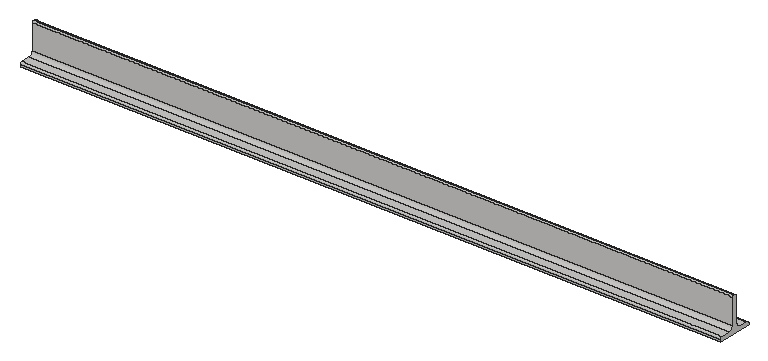
Revit family "NLRS_28_SFR_T", category Structural Framing, Revit 2020
Family settings
  Structural Framing Length Roundoff = 0.10 mm
  Section Shape = Structural Tees
  Material for Model Behavior = Steel
  Always export as geometry = No
  Code Name = EN 10055
  Always vertical = Yes
  Cut with Voids When Loaded = No
  Symbolic Representation = From Project Settings
  Shared = No
  Show family pre-cut in plan views = Yes
Parameters (values of type "T60")
  built-in parameter 1005567 = 0.098425 (stored number, unit not read)
  Width = 60.00 mm
  Web Thickness = 7.00 mm
  Web Fillet = 7 mm
  Warping Constant = (empty or 0)
  Torsional Moment of Inertia = 0 cm⁴
  Top Web Fillet = 2 mm
  Structural Material [instance] = h3_Structural Steel - S235
  built-in parameter 1005564 = 0.020071 (stored number, unit not read)
  Sloped Flange Angle = 1.15°
  Section Name Key = "T60"
  Section Area = 7.94 cm²
  Plastic Modulus weak axis = 0 cm³
  Plastic Modulus strong axis = 0 cm³
  Perimeter = (empty or 0)
  Nominal Weight = 61.095 N/m
  Moment of Inertia weak axis = 12.2 cm⁴
  Moment of Inertia strong axis = 23.8 cm⁴
  Height = 60.00 mm
  Flange Thickness Location = 15 mm
  Flange Thickness = 7 mm
  Flange Fillet = 3.5 mm
  Elastic Modulus weak axis = 4.07 cm³
  Elastic Modulus strong axis = 5.48 cm³
  Centroid Vertical = 16.60 mm
  Centroid Horizontal = Width / 2  # 30 mm
  Assembly Code = "2B(28.10)"
  Length [instance] = 1500.00 mm
Types (14, lengths in mm): name | built-in parameter 1005567 | Width | Web Thickness | Web Fillet | Top Web Fillet | Section Name Key | Section Area | Nominal Weight | Moment of Inertia weak axis | Moment of Inertia strong axis | Height | Flange Thickness Location | Flange Thickness | Flange Fillet | Elastic Modulus weak axis | Elastic Modulus strong axis | Centroid Vertical | Centroid Horizontal
  T60 | 0.098425 (stored number, unit not read) | 60.00 | 7.00 | 7 | 2 | "T60" | 7.94 cm² | 61.095 N/m | 12.2 cm⁴ | 23.8 cm⁴ | 60.00 | 15 | 7 | 3.5 | 4.07 cm³ | 5.48 cm³ | 16.60 | 30
  T140 | 0.22966 (stored number, unit not read) | 140.00 | 15.00 | 15 | 4 | "T140" | 39.9 cm² | 306.95 N/m | 330 cm⁴ | 660 cm⁴ | 140.00 | 35 | 15 | 7.5 | 47.2 cm³ | 64.7 cm³ | 38.00 | 70
  T120 | 0.19685 (stored number, unit not read) | 120.00 | 13.00 | 13 | 3 | "T120" | 29.6 cm² | 227.51 N/m | 178 cm⁴ | 366 cm⁴ | 120.00 | 30 | 13 | 6.5 | 29.7 cm³ | 42 cm³ | 32.80 | 60
  T100 | 0.16404 (stored number, unit not read) | 100.00 | 11.00 | 11 | 3 | "T100" | 20.9 cm² | 160.83 N/m | 88.3 cm⁴ | 179 cm⁴ | 100.00 | 25 | 11 | 5.5 | 17.7 cm³ | 24.6 cm³ | 27.40 | 50
  T90 | 0.14764 (stored number, unit not read) | 90.00 | 10.00 | 10 | 2.5 | "T90" | 17.1 cm² | 131.41 N/m | 58.5 cm⁴ | 119 cm⁴ | 90.00 | 22.5 | 10 | 5 | 13 cm³ | 18.2 cm³ | 24.80 | 45
  T80 | 0.13123 (stored number, unit not read) | 80.00 | 9.00 | 9 | 2 | "T80" | 13.6 cm² | 104.93 N/m | 37 cm⁴ | 73.7 cm⁴ | 80.00 | 20 | 9 | 4.5 | 9.25 cm³ | 12.8 cm³ | 22.20 | 40
  T70 | 0.11483 (stored number, unit not read) | 70.00 | 8.00 | 8 | 2 | "T70" | 10.6 cm² | 81.591 N/m | 22.1 cm⁴ | 44.4 cm⁴ | 70.00 | 17.5 | 8 | 4 | 6.32 cm³ | 8.79 cm³ | 19.40 | 35
  T50 | 0.082021 (stored number, unit not read) | 50.00 | 6.00 | 6 | 1.5 | "T50" | 5.66 cm² | 43.541 N/m | 6.06 cm⁴ | 12.1 cm⁴ | 50.00 | 12.5 | 6 | 3 | 2.42 cm³ | 3.36 cm³ | 13.90 | 25
  T45 | 0.073819 (stored number, unit not read) | 45.00 | 5.50 | 5.5 | 1.5 | "T45" | 4.67 cm² | 35.99 N/m | 4.01 cm⁴ | 8.13 cm⁴ | 45.00 | 11.25 | 5.5 | 3 | 1.78 cm³ | 2.51 cm³ | 12.60 | 22.5
  T40 | 0.065617 (stored number, unit not read) | 40.00 | 5.00 | 5 | 1 | "T40" | 3.77 cm² | 29.028 N/m | 2.58 cm⁴ | 5.28 cm⁴ | 40.00 | 10 | 5 | 2.5 | 1.29 cm³ | 1.84 cm³ | 11.20 | 20
  T35 | 0.057415 (stored number, unit not read) | 35.00 | 4.50 | 4.5 | 1 | "T35" | 2.97 cm² | 22.849 N/m | 1.57 cm⁴ | 3.1 cm⁴ | 35.00 | 8.75 | 4.5 | 2.5 | 0.9 cm³ | 1.23 cm³ | 9.90 | 17.5
  T30 | 0.049213 (stored number, unit not read) | 30.00 | 4.00 | 4 | 1 | "T30" | 2.26 cm² | 17.358 N/m | 0.87 cm⁴ | 1.72 cm⁴ | 30.00 | 7.5 | 4 | 2 | 0.58 cm³ | 0.8 cm³ | 8.50 | 15
  T25 | 0.04101 (stored number, unit not read) | 25.00 | 3.50 | 3.5 | 1 | "T25" | 1.64 cm² | 12.651 N/m | 0.43 cm⁴ | 0.87 cm⁴ | 25.00 | 6.25 | 3.5 | 2 | 0.34 cm³ | 0.49 cm³ | 7.30 | 12.5
  T20 | 0.032808 (stored number, unit not read) | 20.00 | 3.00 | 2.5 | 0.7 | "T20" | 1.12 cm² | 8.6298 N/m | 0.2 cm⁴ | 0.38 cm⁴ | 20.00 | 5 | 3 | 1.5 | 0.2 cm³ | 0.27 cm³ | 5.80 | 10
Reference planes
  plane 1 "Center (Front/Back)": y = 0
  plane 2: z = 0
  plane 3 "Center (Left/Right)": x = 4.61
  plane 4 "Member Left": x = -604.99
  plane 5 "Member Right": x = 614.21
  plane 6: y = 30
  plane 7: y = -30
  plane 8 "Right": x = 766.61
  plane 9 "Left": x = -733.39
  plane 10: z = -16.6
  plane 11: y = 3.5
  plane 12: y = -3.5
  plane 13: z = 43.4
Forms (mm)
  Sweep 1, solid, material "h3_Structural Steel - S235" <- "Structural Material", detail levels medium
    path origin (0, 0, 0) x (1, 0, 0) y (0, 1, 0)
      loop
        line (-604.99, 0) -> (614.21, 0)
    profile "T-Shape-Profile-Medium : T-Shape-Profile-Medium" origin (4.61, 0, 0) x (0, 1, 0) y (0, 0, 1)
      loop
        line (-30, -9.901) -> (-30, -16.6) -> (30, -16.6) -> (30, -9.901) -> (15, -9.6) -> (3.957, -9.378) -> (3.5, 13.4) -> (2.898, 43.4) -> (-2.898, 43.4) -> (-3.5, 13.4) -> (-3.957, -9.378) -> (-15, -9.6) -> (-30, -9.901)
  Sweep 2, solid, material "h3_Structural Steel - S235" <- "Structural Material", detail levels fine
    path origin (0, 0, 0) x (1, 0, 0) y (0, 1, 0)
      loop
        line (-604.99, 0) -> (614.21, 0)
    profile "T-Shape-Profile-Fine : T-Shape-Profile-Fine" origin (4.61, 0, 0) x (0, 1, 0) y (0, 0, 1)
      loop
        line (-30, -13.332) -> (-30, -16.6) -> (30, -16.6) -> (30, -13.332)
        arc (30, -13.332) -> (29, -10.882) -> (26.57, -9.832) r 3.5
        line (26.57, -9.832) -> (15, -9.6) -> (10.68, -9.513)
        arc (10.68, -9.513) -> (5.871, -7.464) -> (3.822, -2.655) r 7
        line (3.822, -2.655) -> (3.5, 13.4) -> (2.937, 41.44)
        arc (2.937, 41.44) -> (2.337, 42.828) -> (0.938, 43.4) r 2
        line (0.938, 43.4) -> (-0.938, 43.4)
        arc (-0.938, 43.4) -> (-2.337, 42.828) -> (-2.937, 41.44) r 2
        line (-2.937, 41.44) -> (-3.5, 13.4) -> (-3.822, -2.655)
        arc (-3.822, -2.655) -> (-5.871, -7.464) -> (-10.68, -9.513) r 7
        line (-10.68, -9.513) -> (-15, -9.6) -> (-26.57, -9.832)
        arc (-26.57, -9.832) -> (-29, -10.882) -> (-30, -13.332) r 3.5
Lines and regions (mm)
  symbolic lines, style "Hidden Faces", detail levels medium+fine
    curve 1: line (-604.99, 3.5, 0) -> (614.21, 3.5, 0)
    curve 2: line (614.21, -3.5, 0) -> (-604.99, -3.5, 0)
  symbolic lines, style "Stick Symbols", detail levels coarse
    curve 3: line (-733.39, 30, -16.6) -> (-733.39, -30, -16.6)
    curve 4: line (-733.39, 0, -16.6) -> (-733.39, 0, 43.4)
Dimensions and locks
  "Width": plane 6 to plane 7
  equal spacing: plane 6, plane 1 "Center (Front/Back)", plane 7
  "Length": plane 9 "Left" to plane 8 "Right"
  equal spacing: plane 12, plane 1 "Center (Front/Back)", plane 11
  "Web Thickness": plane 12 to plane 11
  "Height": plane 13 to plane 10
  "Centroid Vertical": level to plane 10
  aligned and locked: plane 4 "Member Left" to curve 1
  aligned and locked: plane 5 "Member Right" to curve 1
  aligned and locked: plane 4 "Member Left" to curve 2
  aligned and locked: plane 5 "Member Right" to curve 2
  aligned and locked: plane 11 to curve 1
  aligned and locked: curve 2 to plane 12
  aligned and locked: plane 2 to level
  aligned and locked: plane 1 "Center (Front/Back)" to Sweep 1 sketch curve
  aligned and locked: plane 5 "Member Right" to Sweep 1 sketch curve
  aligned and locked: plane 4 "Member Left" to Sweep 1 sketch curve
  aligned and locked: curve 3 to plane 10
  aligned and locked: plane 6 to curve 3
  aligned and locked: plane 13 to curve 4
  aligned and locked: plane 1 "Center (Front/Back)" to curve 4
  aligned and locked: plane 10 to curve 4
  aligned and locked: plane 1 "Center (Front/Back)" to Sweep 2 sketch curve
  aligned and locked: plane 5 "Member Right" to Sweep 2 sketch curve
  aligned and locked: plane 4 "Member Left" to Sweep 2 sketch curve
Automatic sketch dimensions
  curve 3 to plane 7 = 0.00 mm
